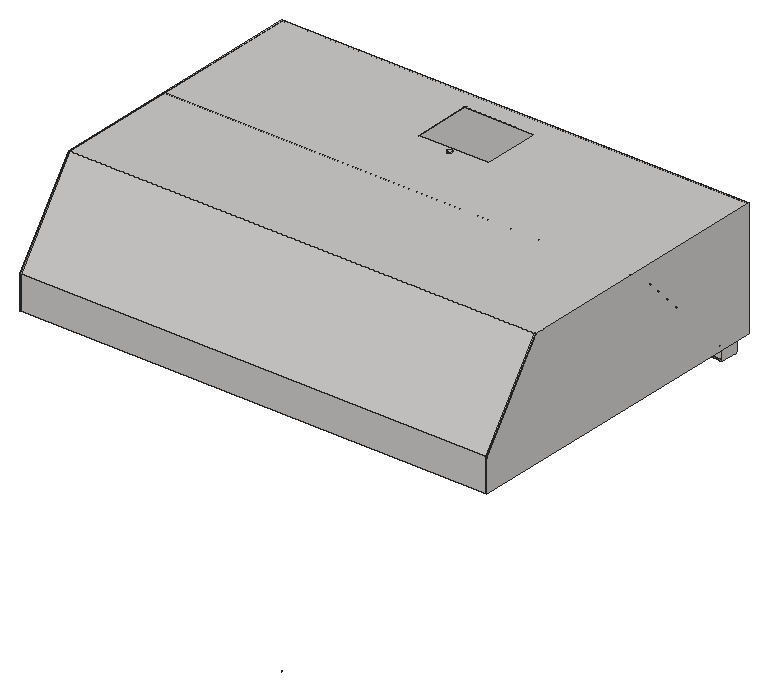
Revit family "QF_ELECTROLUXPROFESSIONAL_644230_ABPV1420BT", category Specialty Equipment, Revit 2014
Reference planes
  plane 1: z = 0
  plane 2 "Center (Left/Right)": x = 150
  plane 3 "LEFT": x = -850
  plane 4 "RIGHT": x = 1150
  plane 5 "BACK": y = 550
  plane 6 "TOP": z = 2500
  plane 7 "Base": z = 2000
  plane 8: z = 1926
  plane 9 "DrainY": y = 485
  plane 10: x = -847
  plane 11: through (0, 414.509, 2000.8) normal (0, 0.7314, 0.682)
  plane 12: y = 470
  plane 13: y = 220
  plane 14 "DrainX": x = 1030
  plane 15: x = 0
  plane 16: x = 300
  plane 17: x = 1147
  plane 18: x = 940
  plane 19: x = 1120
  plane 20: x = -810
  plane 21: x = 1110
  plane 22: x = -47.5
  plane 23: x = 347.5
  plane 24: z = 2140.01
  plane 25: y = 200
  plane 26 "Center (Front/Back)": y = -150
  plane 27 "Front": y = -850
  plane 28: y = -590
Forms (mm)
  Extrusion 1, solid, material "QF_Finishes_Stainless Steel"
    sketch origin (-850, 0, 360) x (0, 1, 0) y (0, 0, 1)
      loop
        line (550, 1640) -> (550, 2140) -> (-590, 2140) -> (-850, 1780.01) -> (-850, 1640) -> (550, 1640)
    from 0 to 3
  Extrusion 2, solid, material "QF_Finishes_Stainless Steel"
    sketch origin (150, 0, 360) x (0, 1, 0) y (0, 0, 1)
      loop
        line (415.255, 1640) -> (550, 1640) -> (550, 2139.19) -> (549.2, 2139.19) -> (549.2, 1640.8) -> (415.876, 1640.8) -> (339.347, 1722.867) -> (349.609, 1732.436) -> (348.927, 1733.167) -> (337.934, 1722.917) -> (415.255, 1640)
      loop
        line (-82.203, 2139.19) -> (-82.203, 2118.6) -> (-31.047, 2118.6) -> (34.354, 2048.466) -> (46.028, 2059.352) -> (45.346, 2060.083) -> (34.403, 2049.879) -> (-30.612, 2119.6) -> (-81.203, 2119.6) -> (-81.203, 2139.19) -> (-82.203, 2139.19)
    from -997 to 997
  Extrusion 3, solid, material "QF_Finishes_Stainless Steel"
    sketch origin (1150, 0, 360) x (0, 1, 0) y (0, 0, 1)
      loop
        line (550, 1640) -> (550, 2140) -> (-590, 2140) -> (-850, 1780.01) -> (-850, 1640) -> (550, 1640)
    from 0 to -3
  Extrusion 4, solid, material "QF_Finishes_Stainless Steel"
    sketch origin (150, 0, 360) x (0, 1, 0) y (0, 0, 1)
      loop
        line (-850, 1780.01) -> (-850, 1640) -> (-849.2, 1640) -> (-849.2, 1779.751) -> (-589.598, 2139.19) -> (550, 2139.19) -> (550, 2140) -> (-590, 2140) -> (-850, 1780.01)
    from -1000 to 1000
  Extrusion 5, solid, material "QF_Finishes_Stainless Steel"
    sketch origin (150, 0, 360) x (0, 1, 0) y (0, 0, 1)
      loop
        line (534, 1640) -> (436, 1640) -> (436, 1627) -> (443.5, 1627) -> (443.5, 1576)
        arc (443.5, 1576) -> (446.429, 1568.929) -> (453.5, 1566) r 10
        line (453.5, 1566) -> (516.5, 1566)
        arc (516.5, 1566) -> (523.571, 1568.929) -> (526.5, 1576) r 10
        line (526.5, 1576) -> (526.5, 1627) -> (534, 1627) -> (534, 1640)
    from 790 to 970
  Extrusion 6, solid, material "QF_Finishes_Stainless Steel"
    sketch origin (0, 0, 2000) x (0, 1, 0) y (-1, 0, 0)
      loop
        circle (485, -1030) r 20
    from -76 to -74
  Extrusion 7, solid, material "QF_Finished_Chrome"
    sketch origin (150, 0, 360) x (0, 1, 0) y (0, 0, 1)
      loop
        line (337.934, 1722.917) -> (341.591, 1726.327) -> (38.011, 2051.876) -> (34.354, 2048.466) -> (337.934, 1722.917)
    from -197.5 to -960
  Extrusion 8, solid, material "QF_Finishes_Stainless Steel"
    sketch origin (150, 0, 360) x (0, 1, 0) y (0, 0, 1)
      loop
        line (337.934, 1722.917) -> (341.591, 1726.327) -> (38.011, 2051.876) -> (34.354, 2048.466) -> (337.934, 1722.917)
    from 997 to 960
  Extrusion 9, solid, material "QF_Finished_Chrome"
    sketch origin (150, 0, 360) x (0, 1, 0) y (0, 0, 1)
      loop
        line (341.588, 1726.324) -> (38.009, 2051.874) -> (34.354, 2048.466) -> (337.934, 1722.917) -> (341.588, 1726.324)
    from 197.5 to 960
  Extrusion 10, void
    sketch origin (0, 0, 2500) x (0, 1, 0) y (-1, 0, 0)
      loop
        line (470, -300) -> (470, 0) -> (220, 0) -> (220, -300) -> (470, -300)
    from 0 to -10
  Extrusion 11, solid, material "QF_Finishes_Stainless Steel"
    sketch origin (0, 0, 0) x (1, 0, 0) y (0, 1, 0)
      loop
        line (-850, 550) -> (-850, 549) -> (-849, 549) -> (-849, 550) -> (-850, 550)
    from 0 to 1
  Extrusion 12, solid, material "QF_Finishes_Stainless Steel"
    sketch origin (150, 0, 360) x (0, 1, 0) y (0, 0, 1)
      loop
        line (337.934, 1722.917) -> (341.591, 1726.327) -> (38.011, 2051.876) -> (34.354, 2048.466) -> (337.934, 1722.917)
    from -960 to -997
  Extrusion 13, solid, material "QF_Finishes_Stainless Steel"
    sketch origin (150, 0, 360) x (0, 1, 0) y (0, 0, 1)
      loop
        line (337.934, 1722.917) -> (341.591, 1726.327) -> (38.011, 2051.876) -> (34.354, 2048.466) -> (337.934, 1722.917)
    from 197.5 to -197.5
  Extrusion 14, solid, material "QF_Finishes_Stainless Steel"
    sketch origin (0, 0, 2500) x (0, 1, 0) y (-1, 0, 0)
      loop
        circle (200, -150) r 10
    from 0 to 1.6
Cuts and joins
  Extrusion 10 cuts Extrusion 4
  joined: Extrusion 2, Extrusion 4
Lines and regions (mm)
  reference lines
    curve 1: line (150, 34.354, 2408.466) -> (150, 34.354, 2248.466)
  symbolic lines, style "SpecialityEquipment", detail levels coarse
    curve 2: line (1150, 550, 2500) -> (-850, 550, 2500)
    curve 3: line (-850, 550, 2500) -> (-850, -850, 2500)
    curve 4: line (1150, -850, 2500) -> (1150, 550, 2500)
    curve 5: line (-850, -850, 2500) -> (1150, -850, 2500)
    curve 6: line (300, 220, 2500) -> (0, 220, 2500)
    curve 7: line (300, 470, 2500) -> (300, 220, 2500)
    curve 8: line (0, 470, 2500) -> (300, 470, 2500)
    curve 9: line (0, 220, 2500) -> (0, 470, 2500)
    curve 10: line (-850.423, -590, 0) -> (1150, -590, 0)
    curve 11: line (-850, 550, 0) -> (1150, -590, 0)
    curve 12: line (-850.423, -590, 0) -> (1150, 550, 0)
Dimensions and locks
  plane 3 "LEFT" to plane 4 "RIGHT" = 2000 mm
  equal spacing: plane 3 "LEFT", plane 2 "Center (Left/Right)", plane 4 "RIGHT"
  locked: plane 6 "TOP" to plane 7 "Base" at 500
  plane 7 "Base" to plane 8 = 74 mm
  plane 5 "BACK" to plane 9 "DrainY" = 65 mm  (x2)
  plane 3 "LEFT" to plane 10 = 3 mm
  plane 5 "BACK" to plane 12 = 80 mm
  plane 12 to plane 13 = 250 mm  (x2)
  plane 14 "DrainX" to plane 4 "RIGHT" = 120 mm
  plane 17 to plane 4 "RIGHT" = 3 mm
  locked: plane 18 to plane 14 "DrainX" at 90
  locked: plane 14 "DrainX" to plane 19 at 90
  plane 12 to plane 5 "BACK" = 80 mm
  locked: plane 3 "LEFT" to plane 20 at 40
  locked: plane 21 to plane 4 "RIGHT" at 40
  locked: plane 22 to plane 23 at 395
  equal spacing: plane 22, plane 2 "Center (Left/Right)", plane 23
  locked: plane 15 to plane 16 at 300
  equal spacing: plane 15, plane 2 "Center (Left/Right)", plane 16
  plane 7 "Base" to level = 2000 mm
  plane 24 to plane 7 "Base" = 140.01 mm
  plane 13 to plane 25 = 20 mm
  plane 5 "BACK" to plane 27 "Front" = 1400 mm  (x2)
  equal spacing: plane 5 "BACK", plane 26 "Center (Front/Back)", plane 27 "Front"
  plane 28 to plane 27 "Front" = 260 mm
  aligned and locked: level to plane 1
  aligned and locked: Extrusion 2 to Extrusion 1
  aligned and locked: Extrusion 2 to Extrusion 3
  aligned and locked: plane 4 "RIGHT" to Extrusion 4
  aligned and locked: Extrusion 4 to plane 3 "LEFT"
  aligned and locked: plane 17 to Extrusion 8
  aligned and locked: Extrusion 10 to plane 15
  aligned and locked: Extrusion 10 to plane 13
  aligned and locked: Extrusion 10 to plane 12
  aligned and locked: Extrusion 2 to Extrusion 4
  aligned and locked: plane 19 to Extrusion 5
  aligned and locked: Extrusion 5 to plane 18
  aligned and locked: Extrusion 8 to plane 21
  aligned and locked: Extrusion 9 to plane 21
  aligned and locked: Extrusion 7 to plane 20
  aligned and locked: Extrusion 12 to plane 10
  aligned and locked: plane 20 to Extrusion 12
  aligned and locked: Extrusion 3 to plane 17
  aligned and locked: Extrusion 10 to plane 16
  aligned and locked: plane 16 to curve 7
  aligned and locked: plane 23 to Extrusion 13
  aligned and locked: Extrusion 13 to plane 22
  aligned and locked: Extrusion 9 to plane 23
Automatic sketch dimensions
  curve 5 to plane 4 "RIGHT" = 0 mm
  curve 6 to plane 13 = 0 mm
  plane 12 to curve 8 = 0 mm
  curve 3 to plane 3 "LEFT" = 0 mm
  curve 3 to plane 5 "BACK" = 0 mm
  curve 6 to plane 15 = 0 mm
  Extrusion 2 sketch curve to plane 11 = 0 mm  (x3)
  Extrusion 2 sketch curve to plane 7 "Base" = 0 mm
  plane 11 to Extrusion 2 sketch curve = 0 mm
  Extrusion 2 sketch curve to plane 5 "BACK" = 0 mm
  Extrusion 2 sketch curve to Extrusion 2 sketch curve = 65.646 mm
  Extrusion 2 sketch curve to Extrusion 2 sketch curve = 0.682 mm  (x2)
  Extrusion 2 sketch curve to Extrusion 2 sketch curve = 10.261 mm
  plane 7 "Base" to Extrusion 2 sketch curve = 82.917 mm
  Extrusion 2 sketch curve to Extrusion 2 sketch curve = 10.942 mm
  Extrusion 2 sketch curve to Extrusion 2 sketch curve = 0.049 mm
  Extrusion 2 sketch curve to plane 6 "TOP" = 20.4 mm
  Extrusion 2 sketch curve to plane 6 "TOP" = 21.4 mm
  Extrusion 2 sketch curve to plane 6 "TOP" = 0.81 mm  (x2)
  Extrusion 2 sketch curve to Extrusion 2 sketch curve = 50.156 mm
  Extrusion 2 sketch curve to Extrusion 2 sketch curve = 1 mm
  plane 7 "Base" to Extrusion 2 sketch curve = 0.8 mm
  Extrusion 2 sketch curve to plane 5 "BACK" = 0.8 mm
  curve 1 to plane 11 = 0 mm
  Extrusion 5 sketch curve to plane 7 "Base" = 0 mm
  Extrusion 5 sketch curve to plane 8 = 0 mm
  Extrusion 5 sketch curve to plane 7 "Base" = 13 mm  (x2)
  plane 12 to Extrusion 5 sketch curve = 34 mm
  Extrusion 5 sketch curve to Extrusion 5 sketch curve = 7.5 mm  (x2)
  Extrusion 5 sketch curve to Extrusion 5 sketch curve = 10 mm
  plane 9 "DrainY" to Extrusion 5 sketch curve = 31.5 mm
  Extrusion 5 sketch curve to plane 5 "BACK" = 23.5 mm
  Extrusion 6 sketch curve to plane 9 "DrainY" = 0 mm
  Extrusion 6 sketch curve to plane 14 "DrainX" = 0 mm
  Extrusion 7 sketch curve to plane 11 = 0 mm  (x2)
  Extrusion 7 sketch curve to Extrusion 7 sketch curve = 3.657 mm
  plane 7 "Base" to Extrusion 7 sketch curve = 82.917 mm
  Extrusion 8 sketch curve to plane 11 = 0 mm  (x2)
  Extrusion 8 sketch curve to Extrusion 8 sketch curve = 3.657 mm
  plane 7 "Base" to Extrusion 8 sketch curve = 82.917 mm
  Extrusion 9 sketch curve to plane 11 = 0 mm  (x2)
  Extrusion 9 sketch curve to Extrusion 9 sketch curve = 3.655 mm
  plane 7 "Base" to Extrusion 9 sketch curve = 82.917 mm
  Extrusion 10 sketch curve to plane 13 = 0 mm
  plane 12 to Extrusion 10 sketch curve = 0 mm
  Extrusion 10 sketch curve to plane 16 = 0 mm
  Extrusion 10 sketch curve to plane 15 = 0 mm
  Extrusion 11 sketch curve to plane 3 "LEFT" = 0 mm
  Extrusion 11 sketch curve to plane 5 "BACK" = 0 mm
  plane 3 "LEFT" to Extrusion 11 sketch curve = 1 mm
  Extrusion 11 sketch curve to Extrusion 11 sketch curve = 1 mm
  Extrusion 12 sketch curve to plane 11 = 0 mm  (x2)
  Extrusion 12 sketch curve to Extrusion 12 sketch curve = 3.657 mm
  plane 7 "Base" to Extrusion 12 sketch curve = 82.917 mm
  Extrusion 13 sketch curve to plane 11 = 0 mm  (x2)
  Extrusion 13 sketch curve to Extrusion 13 sketch curve = 3.657 mm
  plane 7 "Base" to Extrusion 13 sketch curve = 82.917 mm
  Extrusion 4 sketch curve to plane 7 "Base" = 0 mm
  Extrusion 4 sketch curve to plane 6 "TOP" = 0 mm
  Extrusion 4 sketch curve to plane 5 "BACK" = 0 mm
  Extrusion 4 sketch curve to Extrusion 4 sketch curve = 0.8 mm
  plane 7 "Base" to Extrusion 4 sketch curve = 140.01 mm
  Extrusion 4 sketch curve to Extrusion 4 sketch curve = 0.81 mm
  Extrusion 4 sketch curve to Extrusion 4 sketch curve = 0.259 mm
  Extrusion 4 sketch curve to Extrusion 4 sketch curve = 0.402 mm
  Extrusion 3 sketch curve to plane 6 "TOP" = 0 mm
  Extrusion 3 sketch curve to plane 5 "BACK" = 0 mm
  Extrusion 3 sketch curve to plane 7 "Base" = 0 mm
  plane 7 "Base" to Extrusion 3 sketch curve = 140.01 mm
  Extrusion 1 sketch curve to plane 6 "TOP" = 0 mm
  Extrusion 1 sketch curve to plane 5 "BACK" = 0 mm
  Extrusion 1 sketch curve to plane 7 "Base" = 0 mm
  plane 7 "Base" to Extrusion 1 sketch curve = 140.01 mm
  curve 1 to curve 1 = 160 mm
  Extrusion 14 sketch curve to plane 2 "Center (Left/Right)" = 0 mm
  Extrusion 14 sketch curve to plane 25 = 0 mm
  Extrusion 1 sketch curve to Extrusion 1 sketch curve = 260 mm
  Extrusion 3 sketch curve to Extrusion 3 sketch curve = 260 mm
  Extrusion 4 sketch curve to Extrusion 4 sketch curve = 259.602 mm
  curve 5 to plane 25 = 1050 mm
  Extrusion 1 sketch curve to plane 25 = 790 mm
  Extrusion 2 sketch curve to plane 6 "TOP" = 91.534 mm
  Extrusion 3 sketch curve to plane 25 = 790 mm
  Extrusion 4 sketch curve to plane 25 = 789.598 mm
  plane 24 to curve 1 = 108.456 mm
  Extrusion 7 sketch curve to plane 6 "TOP" = 88.124 mm
  Extrusion 8 sketch curve to plane 6 "TOP" = 88.124 mm
  Extrusion 9 sketch curve to plane 6 "TOP" = 88.126 mm
  Extrusion 12 sketch curve to plane 6 "TOP" = 88.124 mm
  Extrusion 13 sketch curve to plane 6 "TOP" = 88.124 mm
  curve 11 to plane 3 "LEFT" = 0 mm
  curve 10 to plane 3 "LEFT" = 0.423 mm
  curve 12 to plane 4 "RIGHT" = 0 mm
  curve 10 to plane 4 "RIGHT" = 0 mm
  curve 12 to plane 5 "BACK" = 0 mm
  curve 11 to plane 5 "BACK" = 0 mm
  plane 27 "Front" to curve 11 = 260 mm
  radius of Extrusion 6 sketch curve = 20 mm
  radius of Extrusion 14 sketch curve = 10 mm
Connectors
  piping at (1030, 485, 1924), diameter 20
    settings: on Extrusion 6, index 1, connector inside diameter 609.6 mm, connector length 0 mm, flow factor 0, pipe flow 0.0 L/s, pressure drop 0.0 Pa, fitting loss kfactor 0, connector angle 0.00°, fixture units 0, engagement length 0 mm, angle of deflection 0.00°, flow configuration 1, flow direction 2, fitting loss method 0, system type 16, joint type 0, gender type 0, connector reference index -1, connector utility 0, adjustable connector no, is connector primary yes, connector description "Drain"
  hvac at (150, 345, 2500)
    settings: on Extrusion 10, index 2, duct flow 0.0 L/s, flow factor 0, pres drop 0.0 Pa, loss coef 0, conn angle 0.00°, conn width 250 mm, conn height 300 mm, conn diameter 609.6 mm, duct sys type 3, conn prof type 1, flow config 0, flow direction 2, loss method 0, conn ref index -1, conn util no, is conn primary yes, conn desc "EXHAUST OUTLET"
  electrical at (150, 200, 2501.6)
    settings: on Extrusion 14, index 3, voltage 0 V, apparent load 0 VA, apparent load phase1 0 VA, apparent load phase2 0 VA, apparent load phase3 0 VA, power factor 1, load classification "Other", number of poles 1, system type 30, power factor state 1, is connector primary yes, connector utility no, sub classification motor no, connector description "Electrical Connection"
